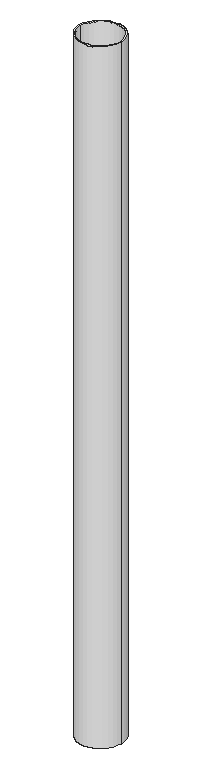
Revit family "Circular Hollow Sections-Column", category 구조 기둥, Revit 2026
Family settings
  단면 모양 = 정의되지 않음
  모델 동작 재료 = 스틸
  항상 형상으로 내보내기 = 아니오
  평면의 보 전환 = 형상에서
  로드될 때 보이드를 사용하여 절단 = 아니오
  기호 표현 = 프로젝트 설정에서
  공유 = 아니오
  평면도에서 미리 절단된 패밀리 표시 = 예
Parameters (values of type "CHS168.3x4")
  Assembly Code = ""
  Structural Material [instance] = Metal - Steel - 345 MPa
  A = 0.002 m²
  W = 0.38246
  OD = 168.3 mm
  t = 4 mm
Reference planes
  plane 1 "Center (Front/Back)": y = 0
  plane 2: z = 0
  plane 3 "Center (Left/Right)": x = 0
  plane 4: x = -84.15
  plane 5: x = 84.15
  plane 6: y = 84.15
  plane 7: y = -84.15
  plane 8: x = -80.15
  plane 9: x = 80.15
Forms (mm)
  Extrusion 1, solid, material "Metal - Steel - 345 MPa" <- "Structural Material", detail levels medium+fine
    sketch origin (0, 0, 0) x (1, 0, 0) y (0, 1, 0)
      loop
        circle (0, 0) r 84.15
      loop
        circle (0, 0) r 80.15
    from 0 to 2500
Lines and regions (mm)
  symbolic lines, style "StructuralColumnStickSymbols", detail levels coarse
    curve 1: arc (-84.15, 0, 0) -> (0, -84.15, 0) -> (84.15, 0, 0) r 84.15
    curve 2: arc (84.15, 0, 0) -> (0, 84.15, 0) -> (-84.15, 0, 0) r 84.15
Dimensions and locks
  equal spacing: plane 4, plane 3 "Center (Left/Right)", plane 5
  equal spacing: plane 7, plane 1 "Center (Front/Back)", plane 6
  "OD": plane 7 to plane 6
  "OD": plane 4 to plane 5
  "t": plane 4 to plane 8
  "t": plane 9 to plane 5
  aligned and locked: level to Extrusion 1
  aligned and locked: level to plane 2
  aligned and locked: Extrusion 1 to plane 2
  aligned and locked: curve 1 to Extrusion 1
Automatic sketch dimensions
  Extrusion 1 sketch curve to plane 1 "Center (Front/Back)" = 0 mm  (x2)
  Extrusion 1 sketch curve to plane 4 = 0 mm
  Extrusion 1 sketch curve to plane 8 = 0 mm
  Extrusion 1 sketch curve to plane 3 "Center (Left/Right)" = 0 mm  (x2)
